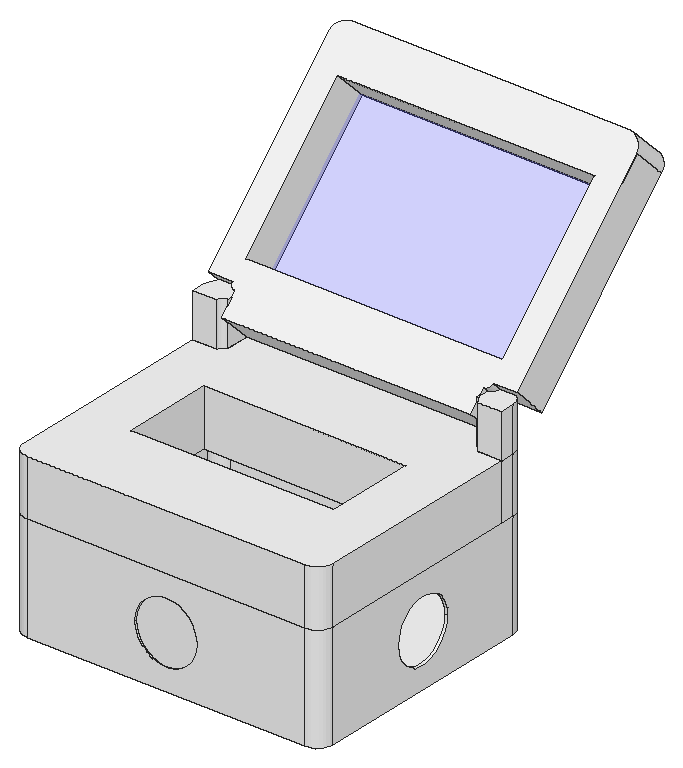
Revit family "Domotics-DomesticRanges-GEWISS-27COMBI_SYSTEM-IP55_NAME_PLATE", category Apparecchi elettrici, host Superficie, Revit 2016
Family settings
  Host = Superficie
  Mantenere orientamento annotazione = Sì
  Tipo di parte = Normale
  Quota connettore circolare = Usa diametro
  Numero OmniClass = 23.80.30.14.24
  Titolo OmniClass = Junction Boxes
  Taglio con vuoti quando caricato = Sì
  Condiviso = Sì
  Punto di calcolo locali = No
Parameters (values of type "GW27836 - 10A 1P push-button name plate IP55")
  Voltage: = "250 V ac"
  Voltage = "230V ac"
  Version file RFA = "19.4"
  VISTA DI PIANTA [instance] = yes
  URL = "https://www.gewiss.com/ww/en"
  Type of knockout holes = "Removable with tool"
  Type = "Push-button 1P NO 10A"
  Torque screws tightening = "0,8NM"
  Thermo-pressure with ball = "70 °C"
  Technical sheet = "https://www.gewiss.com/ww/en/search?q=GW27836"
  Standard; = "EN 60669-1"
  SPORTELLO APERTO [instance] = yes
  SEO = "Enclosure"
  Realized by GEWISS S.p.A. = ""
  Produttore = "GEWISS S.p.A."
  Outer dim. LxHxD (mm) = "99x82x65"
  Offset = 0 mm
  No. knockout holes Ã˜23 = "3 on sides / 1 on the bottom"
  N. holes Ã˜ 23 with cable gland = "1"
  Modello = "GW27836"
  Lid screws = "Stainless steel"
  Insulation class = "II"
  Installation temperature = "-25 +60 °C"
  IP degree = "IP55"
  IFC.TypeObject = ""
  IFC.ExportType = ""
  IFC.ExportAs = ""
  Default Elevation = 1219.2 mm
  Immagine tipo = GW27836.jpg
  IDT = "ff93f4d0-afba-40bc-82a4-8346ff139388"
  IDF = "09942ab5-58a3-48fc-bba3-23da71ac85c3"
  Glow Wire Test = "650°C"
  Electrocod = "0130"
  EAN code = "8011564095458"
  Door type = "With membrane"
  Door colour: = "Transparent"
  Descrizione = "10A 1P PUSH-BUTTON NAME PLATE IP55"
  Description: = "Push-button 1P NO 10A"
  Colour = "Grey RAL 7035"
  Characteristics = "Illuminable name plate"
  Catalogue Range = "27COMBI"
  Catalogue = "DOMOTICS"
  COBie.Tagnumber = ""
  COBie.CreatedOn = ""
  COBie.CreatebBy = ""
  COBie.ComponentRegisterItemID = ""
  COBie.Component.TagNumber = ""
  COBie.Component.Space = ""
  COBie.Component.SerialNumber = ""
  COBie.Component.InstallationDate = ""
  COBie.Component.Description = ""
  COBie.Component.BarCode = ""
Reference planes
  plane 1 "Centro (Fronte/Retro)": y = 0
  plane 2: z = 0
  plane 3 "Centro (Sinistra/Destra)": x = 0
  plane 4: z = 0
  plane 5: y = 41
  plane 6: y = -41
  plane 7: x = -49.5
  plane 8: x = 49.5
  plane 9: z = 60
Lines and regions (mm)
  Masking region 1
    outline origin (0, 0, 0) x (0, 1, 0) y (0, 0, 1)
      loop
        line (-41, 0) -> (41, 0) -> (41, 60) -> (-41, 60) -> (-41, 0)
  Masking region 2, visible <- "VISTA DI PIANTA"
    outline origin (0, 0, 0) x (1, 0, 0) y (0, 0, 1)
      loop
        line (-49.5, 60) -> (-49.5, 0) -> (49.5, 0) -> (49.5, 60) -> (-49.5, 60)
  Masking region 3, detail levels medium+fine
    outline origin (0, 0, 0) x (0, 1, 0) y (0, 0, 1)
      loop
        circle (0, 17) r 10
  Masking region 4, visible <- "VISTA DI PIANTA", detail levels medium+fine
    outline origin (0, 0, 0) x (1, 0, 0) y (0, 0, 1)
      loop
        circle (0, 17) r 10
Dimensions and locks
  "Offset": plane 4 to host face
  locked: plane 5 to plane 6 at 82
  locked: plane 7 to plane 8 at 99
  locked: plane 9 to plane 4 at 60
  aligned and locked: plane 2 to host face
  aligned and locked: level to host face
  aligned and locked: plane 3 "Centro (Sinistra/Destra)" to nested 1
  aligned and locked: plane 1 "Centro (Fronte/Retro)" to nested 1
  aligned and locked: plane 8 to nested 1
  aligned and locked: plane 7 to nested 1
  aligned and locked: plane 5 to nested 1
  aligned and locked: plane 6 to nested 1
  aligned and locked: Masking region 1 sketch curve to level
  aligned and locked: Masking region 1 sketch curve to nested 1
  aligned and locked: Masking region 1 sketch curve to plane 9
  aligned and locked: plane 5 to Masking region 1 sketch curve
  aligned and locked: plane 9 to Masking region 2 sketch curve
  aligned and locked: plane 7 to Masking region 2 sketch curve
  aligned and locked: plane 8 to Masking region 2 sketch curve
  aligned and locked: plane 4 to Masking region 2 sketch curve
Automatic sketch dimensions
  host sketch curve to host sketch curve = 2438.4 mm  (x2)
  Masking region 4 sketch curve to plane 3 "Centro (Sinistra/Destra)" = 0 mm
  level to Masking region 4 sketch curve = 17 mm
  Masking region 3 sketch curve to plane 1 "Centro (Fronte/Retro)" = 0 mm
  level to Masking region 3 sketch curve = 17 mm
  radius of Masking region 4 sketch curve = 10 mm
  radius of Masking region 3 sketch curve = 10 mm
Nested families
  nested 1: "SYSTEM CONTENITORI IP55 COMPL NOME_BASE" at (0, 0, 0), Sportello aperto <- "SPORTELLO APERTO", type "GW27836 - PULSANTE_UNIP"
    with Sportello chiuso no, Sportello aperto yes
Connectors
  cabletrayconduit at (49.5, 0, 17), diameter 20
    settings: on nested 1, index 1, connector width 300 mm, connector height 300 mm, connector angle 0.00°, system type 32, placement type 0, profile type 0, connector reference index -1, is primary connector yes, connector utility param no, connector description ""
  cabletrayconduit at (0, -41, 17), diameter 20
    settings: on nested 1, index 2, connector width 300 mm, connector height 300 mm, connector angle 0.00°, system type 32, placement type 0, profile type 0, connector reference index -1, is primary connector no, connector utility param no, connector description ""
  cabletrayconduit at (-48.5, 0, 17), diameter 20
    settings: on nested 1, index 3, connector width 300 mm, connector height 300 mm, connector angle 0.00°, system type 32, placement type 0, profile type 0, connector reference index -1, is primary connector no, connector utility param no, connector description ""
  cabletrayconduit at (0, 40.592, 17), diameter 20
    settings: on nested 1, index 4, connector width 300 mm, connector height 300 mm, connector angle 0.00°, system type 32, placement type 0, profile type 0, connector reference index -1, is primary connector no, connector utility param no, connector description ""
Definition of nested family "SYSTEM CONTENITORI IP55 COMPL NOME_BASE"
  Parameters (values of type "GW27836 - PULSANTE_UNIP")
    VETRO = none
    Sportello chiuso [instance] = not(Sportello aperto)  # no
    Sportello aperto [instance] = yes
    Profondità scatola = 34 mm
    Offset bidimensionale = 60 mm
    Larghezza scatola = 99 mm
    SCATOLA = none
    Larghezza foro = 65 mm
    Default Elevation = 1219.2 mm
    Altezza scatola = 82 mm
    Altezza foro = 29 mm
  Reference planes
    plane 1 "Centro (Fronte/Retro)": y = 0
    plane 2: z = 0
    plane 3 "Centro (Sinistra/Destra)": x = 0
    plane 4: x = -49.5
    plane 5: x = 49.5
    plane 6 "1": y = 41
    plane 7: y = -41
    plane 8 "PIANO 1": z = 66
    plane 9: z = 34
    plane 10: z = 2
    plane 11: z = 52
    plane 12: x = -32.5
    plane 13: x = 32.5
    plane 14: y = 14.5
    plane 15: y = -14.5
    plane 16: z = 17
    plane 17 "PIANO BIDIMENSIONALE": z = 60
  Forms (mm)
    Extrusion 1, solid, material <- "SCATOLA", detail levels medium+fine
      sketch origin (0, 0, 66) x (0, -1, 0) y (1, 0, 0)
        loop
          arc (-41, -44.5) -> (-39.536, -48.036) -> (-36, -49.5) r 5
          line (-36, -49.5) -> (36, -49.5)
          arc (36, -49.5) -> (39.536, -48.036) -> (41, -44.5) r 5
          line (41, -44.5) -> (41, 44.5)
          arc (41, 44.5) -> (39.536, 48.036) -> (36, 49.5) r 5
          line (36, 49.5) -> (-36, 49.5)
          arc (-36, 49.5) -> (-39.536, 48.036) -> (-41, 44.5) r 5
          line (-41, 44.5) -> (-41, -44.5)
      from -66 to -32
    Extrusion 2, void, detail levels medium+fine
      sketch origin (0, 0, 66) x (0, -1, 0) y (1, 0, 0)
        loop
          line (-40, 44.5) -> (-40, -44.5)
          arc (-40, -44.5) -> (-38.828, -47.328) -> (-36, -48.5) r 4
          line (-36, -48.5) -> (36, -48.5)
          arc (36, -48.5) -> (38.828, -47.328) -> (40, -44.5) r 4
          line (40, -44.5) -> (40, 44.5)
          arc (40, 44.5) -> (38.828, 47.328) -> (36, 48.5) r 4
          line (36, 48.5) -> (-36, 48.5)
          arc (-36, 48.5) -> (-38.828, 47.328) -> (-40, 44.5) r 4
      from -64 to -32
    Extrusion 3, solid, material <- "SCATOLA", visible <- "Sportello chiuso", detail levels medium+fine
      sketch origin (0, 0, 66) x (0, -1, 0) y (1, 0, 0)
        loop
          line (-41, -39.914) -> (-33.415, -39.914)
          arc (-33.415, -39.914) -> (-32.861, -41.251) -> (-31.525, -41.804) r 1.89
          line (-31.525, -41.804) -> (-31.525, -49.5) -> (36, -49.5)
          arc (36, -49.5) -> (39.536, -48.036) -> (41, -44.5) r 5
          line (41, -44.5) -> (41, 44.5)
          arc (41, 44.5) -> (39.536, 48.036) -> (36, 49.5) r 5
          line (36, 49.5) -> (-31.525, 49.5) -> (-31.525, 41.804)
          arc (-31.525, 41.804) -> (-32.861, 41.251) -> (-33.415, 39.914) r 1.89
          line (-33.415, 39.914) -> (-41, 39.914) -> (-41, -39.914)
        loop
          line (19.857, 41.217) -> (-17.857, 41.217) -> (-17.857, -41.217) -> (19.857, -41.217) -> (19.857, 41.217)
      from -14 to 0
    Extrusion 4, solid, material <- "SCATOLA", detail levels medium+fine
      sketch origin (0, 0, 66) x (0, -1, 0) y (1, 0, 0)
        loop
          line (-41, -39.914) -> (-33.415, -39.914)
          arc (-33.415, -39.914) -> (-32.861, -41.251) -> (-31.525, -41.804) r 1.89
          line (-31.525, -41.804) -> (-31.525, -49.5) -> (36, -49.5)
          arc (36, -49.5) -> (39.536, -48.036) -> (41, -44.5) r 5
          line (41, -44.5) -> (41, 44.5)
          arc (41, 44.5) -> (39.536, 48.036) -> (36, 49.5) r 5
          line (36, 49.5) -> (-31.525, 49.5) -> (-31.525, 41.804)
          arc (-31.525, 41.804) -> (-32.861, 41.251) -> (-33.415, 39.914) r 1.89
          line (-33.415, 39.914) -> (-41, 39.914) -> (-41, -39.914)
        loop
          line (14.5, 32.5) -> (-14.5, 32.5) -> (-14.5, -32.5) -> (14.5, -32.5) -> (14.5, 32.5)
      from -32 to -14
    Extrusion 5, solid, material <- "SCATOLA", detail levels medium+fine
      sketch origin (0, 0, 66) x (0, -1, 0) y (1, 0, 0)
        loop
          arc (-41, -44.5) -> (-39.536, -48.036) -> (-36, -49.5) r 5
          line (-36, -49.5) -> (-31.525, -49.5) -> (-31.525, -41.804)
          arc (-31.525, -41.804) -> (-32.861, -41.251) -> (-33.415, -39.914) r 1.89
          line (-33.415, -39.914) -> (-41, -39.914) -> (-41, -44.5)
      from -14 to 0
    Extrusion 6, solid, material <- "SCATOLA", detail levels medium+fine
      sketch origin (0, 0, 66) x (0, -1, 0) y (1, 0, 0)
        loop
          line (-41, 44.5) -> (-41, 39.914) -> (-33.415, 39.914)
          arc (-33.415, 39.914) -> (-32.861, 41.251) -> (-31.525, 41.804) r 1.89
          line (-31.525, 41.804) -> (-31.525, 49.5) -> (-36, 49.5)
          arc (-36, 49.5) -> (-39.536, 48.036) -> (-41, 44.5) r 5
      from -14 to 0
    Extrusion 7, solid, material <- "VETRO", visible <- "Sportello chiuso", detail levels medium+fine
      sketch origin (0, 0, 66) x (0, -1, 0) y (1, 0, 0)
        loop
          line (-17.857, -41.217) -> (17.857, -41.217) -> (17.857, 41.217) -> (-17.857, 41.217) -> (-17.857, -41.217)
      from -1.5 to 0
    Extrusion 8, solid, material <- "SCATOLA", visible <- "Sportello aperto", detail levels medium+fine
      sketch origin (0, 69.991, 80.991) x (0, 0.707107, 0.707107) y (1, 0, 0)
        loop
          line (-41, -39.914) -> (-33.415, -39.914)
          arc (-33.415, -39.914) -> (-32.861, -41.251) -> (-31.525, -41.804) r 1.89
          line (-31.525, -41.804) -> (-31.525, -49.5) -> (36, -49.5)
          arc (36, -49.5) -> (39.536, -48.036) -> (41, -44.5) r 5
          line (41, -44.5) -> (41, 44.5)
          arc (41, 44.5) -> (39.536, 48.036) -> (36, 49.5) r 5
          line (36, 49.5) -> (-31.525, 49.5) -> (-31.525, 41.804)
          arc (-31.525, 41.804) -> (-32.861, 41.251) -> (-33.415, 39.914) r 1.89
          line (-33.415, 39.914) -> (-41, 39.914) -> (-41, -39.914)
        loop
          line (26.857, 41.217) -> (-24.857, 41.217) -> (-24.857, -41.217) -> (26.857, -41.217) -> (26.857, 41.217)
      from -14 to 0
    Extrusion 9, solid, material <- "VETRO", visible <- "Sportello aperto", detail levels medium+fine
      sketch origin (0, 69.991, 80.991) x (0, 0.707107, 0.707107) y (1, 0, 0)
        loop
          line (-24.857, -41.217) -> (26.857, -41.217) -> (26.857, 41.217) -> (-24.857, 41.217) -> (-24.857, -41.217)
      from -1.5 to 0
    Extrusion 10, solid, material <- "SCATOLA", visible <- "Sportello aperto", not visible
      sketch origin (210, 0, -63.711) x (0, -1, 0) y (1, 0, 0)
        loop
          line (-41, -56.414) -> (-33.415, -56.414)
          arc (-33.415, -56.414) -> (-32.861, -57.751) -> (-31.525, -58.304) r 1.89
          line (-31.525, -58.304) -> (-31.525, -66) -> (36, -66)
          arc (36, -66) -> (39.536, -64.536) -> (41, -61) r 5
          line (41, -61) -> (41, 61)
          arc (41, 61) -> (39.536, 64.536) -> (36, 66) r 5
          line (36, 66) -> (-31.525, 66) -> (-31.525, 58.304)
          arc (-31.525, 58.304) -> (-32.861, 57.751) -> (-33.415, 56.414) r 1.89
          line (-33.415, 56.414) -> (-41, 56.414) -> (-41, -56.414)
        loop
          line (26.857, 57.717) -> (-24.857, 57.717) -> (-24.857, -57.717) -> (26.857, -57.717) -> (26.857, 57.717)
      from -14 to 0
    Extrusion 11, solid, material <- "VETRO", visible <- "Sportello aperto", not visible
      sketch origin (210, 0, -63.711) x (0, -1, 0) y (1, 0, 0)
        loop
          line (-24.857, -57.717) -> (26.857, -57.717) -> (26.857, 57.717) -> (-24.857, 57.717) -> (-24.857, -57.717)
      from -1.5 to 0
    Extrusion 12, solid, material <- "SCATOLA", detail levels fine
      sketch origin (0, 0, 0) x (1, 0, 0) y (0, 0, 1)
        loop
          circle (0, 17) r 16
      from -43 to -41
    Extrusion 13, solid, material <- "SCATOLA", detail levels fine
      sketch origin (0, 41, 0) x (-1, 0, 0) y (0, 0, 1)
        loop
          circle (0, 17) r 13
      from 5 to 3
    Extrusion 14, solid, material <- "SCATOLA", detail levels fine
      sketch origin (0, 41, 0) x (-1, 0, 0) y (0, 0, 1)
        loop
          circle (0, 17) r 10
      from 8 to 6
    Extrusion 15, solid, material <- "SCATOLA", detail levels fine
      sketch origin (0, 41, 0) x (-1, 0, 0) y (0, 0, 1)
        loop
          circle (0, 17) r 3
      from 2 to 6
    Extrusion 16, solid, material <- "SCATOLA", detail levels medium+fine
      sketch origin (0, 0, 0) x (1, 0, 0) y (0, 1, 0)
        loop
          line (-39.914, 33.415) -> (-39.914, 41) -> (-44.5, 41)
          arc (-44.5, 41) -> (-48.036, 39.536) -> (-49.5, 36) r 5
          line (-49.5, 36) -> (-49.5, 31.525) -> (-41.804, 31.525)
          arc (-41.804, 31.525) -> (-41.251, 32.861) -> (-39.914, 33.415) r 1.89
        loop
          arc (39.914, 33.415) -> (41.251, 32.861) -> (41.804, 31.525) r 1.89
          line (41.804, 31.525) -> (49.5, 31.525) -> (49.5, 36)
          arc (49.5, 36) -> (48.036, 39.536) -> (44.5, 41) r 5
          line (44.5, 41) -> (39.914, 41) -> (39.914, 33.415)
      from 34 to 52
    Extrusion 17, void, detail levels medium+fine
      sketch origin (0, 0, 0) x (0, 1, 0) y (0, 0, 1)
        loop
          circle (0, 17) r 10
      from 32.526 to 49.5
    Extrusion 18, void, detail levels medium+fine
      sketch origin (0, 0, 0) x (1, 0, 0) y (0, 0, 1)
        loop
          circle (0, 17) r 10
      from 40.592 to 41
    Extrusion 19, void, detail levels medium+fine
      sketch origin (0, 0, 0) x (0, 1, 0) y (0, 0, -1)
        loop
          circle (0, -17) r 11.5
      from 32.526 to 49.5
    Extrusion 20, void, detail levels medium+fine
      sketch origin (0, 0, 0) x (1, 0, 0) y (0, 0, -1)
        loop
          circle (0, -17) r 10
      from 40.592 to 41
    Extrusion 21, solid, material <- "SCATOLA", detail levels coarse
      sketch origin (0, 0, 66) x (0, -1, 0) y (1, 0, 0)
        loop
          arc (36, -49.5) -> (39.536, -48.036) -> (41, -44.5) r 5
          line (41, -44.5) -> (41, 44.5)
          arc (41, 44.5) -> (39.536, 48.036) -> (36, 49.5) r 5
          line (36, 49.5) -> (-31.525, 49.5) -> (-36, 49.5)
          arc (-36, 49.5) -> (-39.536, 48.036) -> (-41, 44.5) r 5
          line (-41, 44.5) -> (-41, -44.5)
          arc (-41, -44.5) -> (-39.536, -48.036) -> (-36, -49.5) r 5
          line (-36, -49.5) -> (36, -49.5)
      from -66 to -6
  Cuts and joins
    Extrusion 2, Extrusion 17, Extrusion 18, Extrusion 19, Extrusion 20 cuts Extrusion 1
  Lines and regions (mm)
    Masking region 1
      outline origin (0, 0, 66) x (0, -1, 0) y (1, 0, 0)
        loop
          line (36, 49.5) -> (-31.525, 49.5) -> (-36, 49.5)
          arc (-36, 49.5) -> (-39.536, 48.036) -> (-41, 44.5) r 5
          line (-41, 44.5) -> (-41, -44.5)
          arc (-41, -44.5) -> (-39.536, -48.036) -> (-36, -49.5) r 5
          line (-36, -49.5) -> (36, -49.5)
          arc (36, -49.5) -> (39.536, -48.036) -> (41, -44.5) r 5
          line (41, -44.5) -> (41, 44.5)
          arc (41, 44.5) -> (39.536, 48.036) -> (36, 49.5) r 5
        loop
          line (26.857, 41.217) -> (-31.525, 41.217)
          arc (-31.525, 41.217) -> (-32.446, 40.836) -> (-32.828, 39.914) r 1.303
          line (-32.828, 39.914) -> (-32.828, -39.914)
          arc (-32.828, -39.914) -> (-32.446, -40.836) -> (-31.525, -41.217) r 1.303
          line (-31.525, -41.217) -> (26.857, -41.217) -> (26.857, 41.217)
        loop
          line (-14.5, 32.5) -> (-14.5, -32.5) -> (14.5, -32.5) -> (14.5, 32.5) -> (-14.5, 32.5)
        loop
          circle (-36, -44.5) r 2
        loop
          circle (-36, 44.5) r 2
    Masking region 2
      outline origin (0, 0, 66) x (0, -1, 0) y (1, 0, 0)
        loop
          line (-31.525, -49.5) -> (-31.525, -41.804)
          arc (-31.525, -41.804) -> (-32.861, -41.251) -> (-33.415, -39.914) r 1.89
          line (-33.415, -39.914) -> (-41, -39.914) -> (-41, -44.5)
          arc (-41, -44.5) -> (-39.536, -48.036) -> (-36, -49.5) r 5
          line (-36, -49.5) -> (-31.525, -49.5)
        loop
          circle (-36, -44.5) r 2
        loop
          line (-31.525, 41.804) -> (-31.525, 49.5) -> (-36, 49.5)
          arc (-36, 49.5) -> (-39.536, 48.036) -> (-41, 44.5) r 5
          line (-41, 44.5) -> (-41, 39.914) -> (-33.415, 39.914)
          arc (-33.415, 39.914) -> (-32.861, 41.251) -> (-31.525, 41.804) r 1.89
        loop
          circle (-36, 44.5) r 2
        loop
          line (41, -42.496) -> (41, -40.496) -> (38.247, -40.496)
          arc (38.247, -40.496) -> (36.833, -39.91) -> (36.247, -38.496) r 2
          line (36.247, -38.496) -> (36.247, 38.496)
          arc (36.247, 38.496) -> (36.833, 39.91) -> (38.247, 40.496) r 2
          line (38.247, 40.496) -> (41, 40.496) -> (41, 42.496) -> (36.247, 42.496)
          arc (36.247, 42.496) -> (34.833, 41.91) -> (34.247, 40.496) r 2
          line (34.247, 40.496) -> (34.247, -40.496)
          arc (34.247, -40.496) -> (34.833, -41.91) -> (36.247, -42.496) r 2
          line (36.247, -42.496) -> (41, -42.496)
        loop
          line (26.857, -41.217) -> (26.857, 41.217) -> (-31.525, 41.217)
          arc (-31.525, 41.217) -> (-32.446, 40.836) -> (-32.828, 39.914) r 1.303
          line (-32.828, 39.914) -> (-32.828, -39.914)
          arc (-32.828, -39.914) -> (-32.446, -40.836) -> (-31.525, -41.217) r 1.303
          line (-31.525, -41.217) -> (26.857, -41.217)
        loop
          line (-14.5, 32.5) -> (-14.5, -32.5) -> (14.5, -32.5) -> (14.5, 32.5) -> (-14.5, 32.5)
    Masking region 3
      outline origin (0, 0, 66) x (0, -1, 0) y (1, 0, 0)
        loop
          circle (-36, -44.5) r 2
        loop
          circle (-36, 44.5) r 2
    model lines, detail levels coarse
      curve 1: line (-44.5, 41, 60) -> (44.5, 41, 60)
      curve 2: arc (-44.5, 41, 60) -> (-48.036, 39.536, 60) -> (-49.5, 36, 60) r 5
      curve 3: line (-49.5, -36, 60) -> (-49.5, 36, 60)
      curve 4: arc (-44.5, -41, 60) -> (-48.036, -39.536, 60) -> (-49.5, -36, 60) r 5
      curve 5: line (44.5, -41, 60) -> (-44.5, -41, 60)
      curve 6: line (-40.496, -41, 60) -> (-40.496, -38.247, 60)
      curve 7: line (-42.496, -41, 60) -> (-42.496, -36.247, 60)
      curve 8: arc (-38.496, -36.247, 60) -> (-39.91, -36.833, 60) -> (-40.496, -38.247, 60) r 2
      curve 9: arc (-40.496, -34.247, 60) -> (-41.91, -34.833, 60) -> (-42.496, -36.247, 60) r 2
      curve 10: line (-40.496, -34.247, 60) -> (40.496, -34.247, 60)
      curve 11: line (-38.496, -36.247, 60) -> (38.496, -36.247, 60)
      curve 12: arc (40.496, -38.247, 60) -> (39.91, -36.833, 60) -> (38.496, -36.247, 60) r 2
      curve 13: line (40.496, -41, 60) -> (40.496, -38.247, 60)
      curve 14: arc (42.496, -36.247, 60) -> (41.91, -34.833, 60) -> (40.496, -34.247, 60) r 2
      curve 15: line (42.496, -41, 60) -> (42.496, -36.247, 60)
      curve 16: arc (49.5, -36, 60) -> (48.036, -39.536, 60) -> (44.5, -41, 60) r 5
      curve 17: line (49.5, 36, 60) -> (49.5, -36, 60)
      curve 18: arc (44.5, 41, 60) -> (48.036, 39.536, 60) -> (49.5, 36, 60) r 5
      curve 19: line (39.914, 41, 60) -> (39.914, 33.415, 60)
      curve 20: line (-39.914, 41, 60) -> (-39.914, 33.415, 60)
      curve 21: circle (-44.5, 36, 60) r 2 normal (0, 0, 1)
      curve 22: line (-46.412, 35.413, 60) -> (-43.2, 37.52, 60)
      curve 23: line (-42.672, 36.81, 60) -> (-45.972, 34.646, 60)
      curve 24: circle (44.5, 36, 60) r 2 normal (0, 0, -1)
      curve 25: line (46.412, 35.413, 60) -> (43.2, 37.52, 60)
      curve 26: line (42.672, 36.81, 60) -> (45.972, 34.646, 60)
      curve 27: line (49.5, 31.525, 60) -> (41.804, 31.525, 60)
      curve 28: arc (39.914, 33.415, 60) -> (41.251, 32.861, 60) -> (41.804, 31.525, 60) r 1.89
      curve 29: line (-39.914, 33.415, 60) -> (39.914, 33.415, 60)
      curve 30: arc (-39.914, 33.415, 60) -> (-41.251, 32.861, 60) -> (-41.804, 31.525, 60) r 1.89
      curve 31: line (-49.5, 31.525, 60) -> (-41.804, 31.525, 60)
      curve 32: arc (-39.914, 32.828, 60) -> (-40.836, 32.446, 60) -> (-41.217, 31.525, 60) r 1.303
      curve 33: line (-39.914, 32.828, 60) -> (39.914, 32.828, 60)
      curve 34: arc (39.914, 32.828, 60) -> (40.836, 32.446, 60) -> (41.217, 31.525, 60) r 1.303
      curve 35: line (41.217, 31.525, 60) -> (41.217, -26.857, 60)
      curve 36: line (-41.217, -26.857, 60) -> (-41.217, 31.525, 60)
      curve 37: line (-41.217, 24.857, 60) -> (41.217, 24.857, 60)
      curve 38: line (-32.5, 14.5, 60) -> (32.5, 14.5, 60)
      curve 39: line (32.5, 14.5, 60) -> (32.5, -14.5, 60)
      curve 40: line (-32.5, -14.5, 60) -> (-32.5, 14.5, 60)
      curve 41: line (32.5, -14.5, 60) -> (-32.5, -14.5, 60)
      curve 42: line (41.217, -26.857, 60) -> (-41.217, -26.857, 60)
    model lines, not visible, detail levels coarse
      curve 43: line (-18.5, 41, 60) -> (70.5, 41, 60)
      curve 44: arc (-18.5, 41, 60) -> (-22.036, 39.536, 60) -> (-23.5, 36, 60) r 5
      curve 45: line (-23.5, -36, 60) -> (-23.5, 36, 60)
      curve 46: arc (-18.5, -41, 60) -> (-22.036, -39.536, 60) -> (-23.5, -36, 60) r 5
      curve 47: line (70.5, -41, 60) -> (-18.5, -41, 60)
      curve 48: line (-14.496, -41, 60) -> (-14.496, -38.247, 60)
      curve 49: line (-16.496, -41, 60) -> (-16.496, -36.247, 60)
      curve 50: arc (-12.496, -36.247, 60) -> (-13.91, -36.833, 60) -> (-14.496, -38.247, 60) r 2
      curve 51: arc (-14.496, -34.247, 60) -> (-15.91, -34.833, 60) -> (-16.496, -36.247, 60) r 2
      curve 52: line (-14.496, -34.247, 60) -> (66.496, -34.247, 60)
      curve 53: line (-12.496, -36.247, 60) -> (64.496, -36.247, 60)
      curve 54: arc (66.496, -38.247, 60) -> (65.91, -36.833, 60) -> (64.496, -36.247, 60) r 2
      curve 55: line (66.496, -41, 60) -> (66.496, -38.247, 60)
      curve 56: arc (68.496, -36.247, 60) -> (67.91, -34.833, 60) -> (66.496, -34.247, 60) r 2
      curve 57: line (68.496, -41, 60) -> (68.496, -36.247, 60)
      curve 58: arc (75.5, -36, 60) -> (74.036, -39.536, 60) -> (70.5, -41, 60) r 5
      curve 59: line (75.5, 36, 60) -> (75.5, -36, 60)
      curve 60: arc (70.5, 41, 60) -> (74.036, 39.536, 60) -> (75.5, 36, 60) r 5
      curve 61: line (65.914, 41, 60) -> (65.914, 33.415, 60)
      curve 62: line (-13.914, 41, 60) -> (-13.914, 33.415, 60)
      curve 63: circle (-18.5, 36, 60) r 2 normal (0, 0, 1)
      curve 64: line (-20.412, 35.413, 60) -> (-17.2, 37.52, 60)
      curve 65: line (-16.672, 36.81, 60) -> (-19.972, 34.646, 60)
      curve 66: circle (70.5, 36, 60) r 2 normal (0, 0, -1)
      curve 67: line (72.412, 35.413, 60) -> (69.2, 37.52, 60)
      curve 68: line (68.672, 36.81, 60) -> (71.972, 34.646, 60)
      curve 69: line (75.5, 31.525, 60) -> (67.804, 31.525, 60)
      curve 70: arc (65.914, 33.415, 60) -> (67.251, 32.861, 60) -> (67.804, 31.525, 60) r 1.89
      curve 71: line (-13.914, 33.415, 60) -> (65.914, 33.415, 60)
      curve 72: arc (-13.914, 33.415, 60) -> (-15.251, 32.861, 60) -> (-15.804, 31.525, 60) r 1.89
      curve 73: line (-23.5, 31.525, 60) -> (-15.804, 31.525, 60)
      curve 74: arc (-13.914, 32.828, 60) -> (-14.836, 32.446, 60) -> (-15.217, 31.525, 60) r 1.303
      curve 75: line (-13.914, 32.828, 60) -> (65.914, 32.828, 60)
      curve 76: arc (65.914, 32.828, 60) -> (66.836, 32.446, 60) -> (67.217, 31.525, 60) r 1.303
      curve 77: line (67.217, 31.525, 60) -> (67.217, -26.857, 60)
      curve 78: line (-15.217, -26.857, 60) -> (-15.217, 31.525, 60)
      curve 79: line (-15.217, 24.857, 60) -> (67.217, 24.857, 60)
      curve 80: line (-6.5, 14.5, 60) -> (58.5, 14.5, 60)
      curve 81: line (58.5, 14.5, 60) -> (58.5, -14.5, 60)
      curve 82: line (-6.5, -14.5, 60) -> (-6.5, 14.5, 60)
      curve 83: line (58.5, -14.5, 60) -> (-6.5, -14.5, 60)
      curve 84: line (67.217, -26.857, 60) -> (-15.217, -26.857, 60)
  Dimensions and locks
    equal spacing: plane 4, plane 3 "Centro (Sinistra/Destra)", plane 5
    equal spacing: plane 6 "1", plane 1 "Centro (Fronte/Retro)", plane 7
    "Altezza scatola": plane 6 "1" to plane 7
    "Larghezza scatola": plane 4 to plane 5
    "Profondità scatola": plane 9 to level
    plane 8 "PIANO 1" to plane 11 = 14 mm
    "Altezza foro": plane 15 to plane 14
    "Larghezza foro": plane 12 to plane 13
    equal spacing: plane 12, plane 3 "Centro (Sinistra/Destra)", plane 13
    equal spacing: level, plane 16, plane 9
    equal spacing: plane 15, plane 1 "Centro (Fronte/Retro)", plane 14
    "Offset bidimensionale": plane 17 "PIANO BIDIMENSIONALE" to plane 2
    aligned and locked: level to plane 2
    aligned and locked: Extrusion 1 sketch curve to plane 6 "1"
    aligned and locked: plane 4 to Extrusion 1 sketch curve
    aligned and locked: Extrusion 1 sketch curve to plane 5
    aligned and locked: plane 7 to Extrusion 1 sketch curve
    aligned and locked: Extrusion 1 to level
    aligned and locked: Extrusion 2 to plane 10
    aligned and locked: plane 9 to Extrusion 2
    aligned and locked: plane 9 to Extrusion 1
    aligned and locked: Extrusion 3 sketch curve to plane 4
    aligned and locked: plane 6 "1" to Extrusion 3 sketch curve
    aligned and locked: plane 5 to Extrusion 3 sketch curve
    aligned and locked: Extrusion 3 sketch curve to plane 7
    aligned and locked: plane 8 "PIANO 1" to Extrusion 3
    aligned and locked: Extrusion 3 to plane 11
    aligned and locked: Extrusion 4 to Extrusion 3
    aligned and locked: Extrusion 4 to plane 9
    aligned and locked: cut or joined group of Extrusion 1, Extrusion 2, Extrusion 17, Extrusion 18, Extrusion 19, Extrusion 20 to Extrusion 5 sketch curve
    aligned and locked: Extrusion 5 sketch curve to cut or joined group of Extrusion 1, Extrusion 2, Extrusion 17, Extrusion 18, Extrusion 19, Extrusion 20
    aligned and locked: Extrusion 5 to Extrusion 3
    aligned and locked: plane 5 to Extrusion 6
    aligned and locked: Extrusion 3 to Extrusion 7 sketch curve
    aligned and locked: plane 8 "PIANO 1" to Extrusion 7
    aligned and locked: Extrusion 7 sketch curve to Extrusion 3
    aligned and locked: Extrusion 9 sketch curve to Extrusion 8  (x2)
    aligned and locked: Extrusion 11 sketch curve to Extrusion 10  (x2)
    aligned and locked: Extrusion 8 to plane 4
    aligned and locked: Extrusion 9 to Extrusion 8  (x2)
    aligned and locked: Extrusion 11 to Extrusion 10  (x2)
    aligned and locked: plane 4 to Extrusion 8 sketch curve
    aligned and locked: Extrusion 8 sketch curve to plane 5
    aligned and locked: plane 14 to Extrusion 4 sketch curve
    aligned and locked: Extrusion 4 sketch curve to plane 15
    aligned and locked: plane 12 to Extrusion 4 sketch curve
    aligned and locked: Extrusion 4 sketch curve to plane 13
    aligned and locked: plane 6 "1" to Extrusion 12
    aligned and locked: Extrusion 15 to Extrusion 12
    aligned and locked: Extrusion 15 to Extrusion 14
    aligned and locked: Extrusion 6 to Extrusion 4
    aligned and locked: Extrusion 5 to Extrusion 4
    aligned and locked: Extrusion 16 to Extrusion 3
    aligned and locked: Extrusion 16 to cut or joined group of Extrusion 1, Extrusion 2, Extrusion 17, Extrusion 18, Extrusion 19, Extrusion 20
    aligned and locked: Extrusion 16 sketch curve to Extrusion 4
    aligned and locked: plane 5 to Extrusion 17
    aligned and locked: Extrusion 18 to plane 7
    aligned and locked: Extrusion 1 to Extrusion 19
    aligned and locked: curve 1 to plane 6 "1"
    aligned and locked: plane 7 to curve 5
    aligned and locked: Extrusion 4 to plane 7
    aligned and locked: plane 5 to Extrusion 3
    aligned and locked: plane 6 "1" to Extrusion 3
    aligned and locked: Extrusion 3 to plane 4
    aligned and locked: Extrusion 3 to plane 8 "PIANO 1"
    aligned and locked: Extrusion 21 sketch curve to Extrusion 3  (x4)
    aligned and locked: plane 5 to Extrusion 21 sketch curve
    aligned and locked: Extrusion 21 to level
    aligned and locked: plane 12 to Extrusion 4  (x2)
    aligned and locked: Extrusion 4 to plane 13  (x2)
    aligned and locked: Extrusion 21 to plane 4
    aligned and locked: plane 14 to Extrusion 4
    aligned and locked: Extrusion 4 to plane 15
    aligned and locked: Extrusion 21 to plane 7
    aligned and locked: plane 5 to Extrusion 21
    aligned and locked: plane 6 "1" to Extrusion 21
    aligned and locked: curve 39 to plane 13
    aligned and locked: plane 12 to curve 40
    aligned and locked: Extrusion 21 to curve 2
    aligned and locked: Masking region 1 sketch curve to Extrusion 21  (x4)
    aligned and locked: Masking region 1 sketch curve to curve 42
    aligned and locked: Masking region 1 sketch curve to curve 36
    aligned and locked: Masking region 1 sketch curve to curve 33
    aligned and locked: Masking region 1 sketch curve to curve 35
    aligned and locked: Masking region 1 sketch curve to curve 39
    aligned and locked: Masking region 1 sketch curve to curve 41
    aligned and locked: Masking region 1 sketch curve to curve 40
    aligned and locked: Masking region 1 sketch curve to curve 38
    aligned and locked: Masking region 2 sketch curve to Extrusion 16  (x4)
    aligned and locked: Masking region 2 sketch curve to Extrusion 6  (x4)
    aligned and locked: Masking region 2 sketch curve to curve 7
    aligned and locked: Masking region 2 sketch curve to curve 10
    aligned and locked: Masking region 2 sketch curve to curve 15
    aligned and locked: Masking region 2 sketch curve to curve 6
    aligned and locked: Masking region 2 sketch curve to curve 11
    aligned and locked: Masking region 2 sketch curve to curve 36
    aligned and locked: Masking region 2 sketch curve to curve 33
    aligned and locked: Masking region 2 sketch curve to curve 35
    aligned and locked: Masking region 2 sketch curve to curve 42
    aligned and locked: Masking region 2 sketch curve to curve 39
    aligned and locked: Masking region 2 sketch curve to curve 41
    aligned and locked: Masking region 2 sketch curve to curve 40
    aligned and locked: Masking region 2 sketch curve to curve 38
  Automatic sketch dimensions
    Extrusion 10 sketch curve to Extrusion 10 sketch curve = 7.585 mm  (x2)
    Extrusion 10 sketch curve to Extrusion 10 sketch curve = 1.89 mm  (x2)
    Extrusion 10 sketch curve to Extrusion 10 sketch curve = 6.668 mm
    Extrusion 10 sketch curve to Extrusion 10 sketch curve = 7.696 mm
    Extrusion 10 sketch curve to Extrusion 10 sketch curve = 0.587 mm  (x2)
    Extrusion 10 sketch curve to Extrusion 10 sketch curve = 112.829 mm
    Extrusion 10 sketch curve to Extrusion 10 sketch curve = 3.283 mm
    Extrusion 10 sketch curve to Extrusion 10 sketch curve = 51.714 mm
    Extrusion 10 sketch curve to Extrusion 10 sketch curve = 9.143 mm  (x2)
    Extrusion 10 sketch curve to Extrusion 10 sketch curve = 5 mm
    Extrusion 11 sketch curve to Extrusion 11 sketch curve = 51.714 mm
    Extrusion 1 sketch curve to Extrusion 1 sketch curve = 5 mm  (x2)
    Extrusion 1 sketch curve to plane 5 = 5 mm  (x2)
    Extrusion 2 sketch curve to plane 6 "1" = 1 mm
    plane 4 to Extrusion 2 sketch curve = 1 mm
    Extrusion 2 sketch curve to plane 6 "1" = 5 mm
    Extrusion 2 sketch curve to Extrusion 2 sketch curve = 4 mm
    plane 7 to Extrusion 2 sketch curve = 5 mm  (x2)
    plane 7 to Extrusion 2 sketch curve = 1 mm
    Extrusion 2 sketch curve to plane 5 = 5 mm
    Extrusion 3 sketch curve to Extrusion 3 sketch curve = 7.585 mm  (x2)
    Extrusion 3 sketch curve to plane 6 "1" = 9.475 mm
    Extrusion 3 sketch curve to Extrusion 3 sketch curve = 1.89 mm
    Extrusion 3 sketch curve to plane 14 = 3.357 mm
    plane 15 to Extrusion 3 sketch curve = 5.357 mm
    plane 7 to Extrusion 3 sketch curve = 5 mm
    Extrusion 3 sketch curve to plane 5 = 5 mm
    Extrusion 3 sketch curve to Extrusion 3 sketch curve = 7.696 mm
    Extrusion 3 sketch curve to Extrusion 3 sketch curve = 0.587 mm
    Extrusion 3 sketch curve to plane 5 = 9.586 mm
    Extrusion 3 sketch curve to plane 5 = 8.283 mm
    Extrusion 4 sketch curve to plane 6 "1" = 0 mm
    Extrusion 4 sketch curve to plane 4 = 0 mm
    Extrusion 4 sketch curve to plane 5 = 0 mm
    Extrusion 4 sketch curve to plane 7 = 0 mm
    Extrusion 4 sketch curve to Extrusion 4 sketch curve = 7.585 mm  (x2)
    Extrusion 4 sketch curve to plane 6 "1" = 9.475 mm
    Extrusion 4 sketch curve to Extrusion 4 sketch curve = 1.89 mm
    plane 7 to Extrusion 4 sketch curve = 5 mm
    Extrusion 4 sketch curve to plane 5 = 5 mm
    Extrusion 4 sketch curve to Extrusion 4 sketch curve = 7.696 mm
    Extrusion 4 sketch curve to plane 5 = 9.586 mm
    Extrusion 5 sketch curve to Extrusion 5 sketch curve = 5 mm
    Extrusion 5 sketch curve to Extrusion 5 sketch curve = 2.585 mm
    Extrusion 5 sketch curve to Extrusion 5 sketch curve = 1.89 mm
    Extrusion 5 sketch curve to Extrusion 5 sketch curve = 2.696 mm
    Extrusion 6 sketch curve to plane 6 "1" = 0 mm
    Extrusion 6 sketch curve to plane 5 = 0 mm
    plane 5 to Extrusion 6 sketch curve = 5 mm
    Extrusion 6 sketch curve to Extrusion 6 sketch curve = 2.585 mm
    Extrusion 6 sketch curve to Extrusion 6 sketch curve = 1.89 mm
    Extrusion 6 sketch curve to Extrusion 6 sketch curve = 2.696 mm
    plane 4 to Extrusion 8 sketch curve = 9.586 mm
    Extrusion 8 sketch curve to Extrusion 8 sketch curve = 7.585 mm  (x2)
    Extrusion 8 sketch curve to Extrusion 8 sketch curve = 1.89 mm  (x2)
    Extrusion 8 sketch curve to Extrusion 8 sketch curve = 6.668 mm
    Extrusion 8 sketch curve to plane 5 = 8.283 mm
    Extrusion 8 sketch curve to Extrusion 8 sketch curve = 51.714 mm
    Extrusion 8 sketch curve to Extrusion 8 sketch curve = 9.143 mm  (x2)
    Extrusion 8 sketch curve to plane 5 = 5 mm
    Extrusion 8 sketch curve to Extrusion 8 sketch curve = 0.587 mm
    Extrusion 8 sketch curve to plane 5 = 9.586 mm
    Extrusion 9 sketch curve to Extrusion 9 sketch curve = 51.714 mm
    Extrusion 12 sketch curve to plane 3 "Centro (Sinistra/Destra)" = 0 mm
    Extrusion 12 sketch curve to plane 16 = 0 mm
    Extrusion 13 sketch curve to plane 3 "Centro (Sinistra/Destra)" = 0 mm
    Extrusion 13 sketch curve to plane 16 = 0 mm
    Extrusion 14 sketch curve to plane 3 "Centro (Sinistra/Destra)" = 0 mm
    Extrusion 14 sketch curve to plane 16 = 0 mm
    Extrusion 15 sketch curve to plane 3 "Centro (Sinistra/Destra)" = 0 mm
    Extrusion 15 sketch curve to plane 16 = 0 mm
    Extrusion 16 sketch curve to plane 4 = 0 mm
    Extrusion 16 sketch curve to plane 6 "1" = 0 mm  (x2)
    Extrusion 16 sketch curve to plane 5 = 0 mm
    plane 4 to Extrusion 16 sketch curve = 5 mm
    Extrusion 16 sketch curve to Extrusion 16 sketch curve = 1.89 mm  (x2)
    Extrusion 16 sketch curve to plane 5 = 9.586 mm
    Extrusion 16 sketch curve to Extrusion 16 sketch curve = 4.586 mm
    Extrusion 16 sketch curve to Extrusion 16 sketch curve = 2.585 mm  (x2)
    Extrusion 17 sketch curve to plane 1 "Centro (Fronte/Retro)" = 0 mm
    plane 16 to Extrusion 17 sketch curve = 0 mm
    Extrusion 18 sketch curve to plane 3 "Centro (Sinistra/Destra)" = 0 mm
    Extrusion 18 sketch curve to plane 16 = 0 mm
    Extrusion 19 sketch curve to plane 1 "Centro (Fronte/Retro)" = 0 mm
    plane 16 to Extrusion 19 sketch curve = 0 mm
    Extrusion 20 sketch curve to plane 3 "Centro (Sinistra/Destra)" = 0 mm
    Extrusion 20 sketch curve to plane 16 = 0 mm
    Extrusion 7 sketch curve to plane 14 = 3.357 mm
    plane 15 to Extrusion 7 sketch curve = 3.357 mm
    plane 4 to Extrusion 21 sketch curve = 5 mm  (x2)
    Extrusion 21 sketch curve to plane 5 = 5 mm
    Extrusion 21 sketch curve to plane 6 "1" = 9.475 mm
    Extrusion 21 sketch curve to Extrusion 21 sketch curve = 4.475 mm
    curve 2 to curve 21 = 0 mm  (x4)
    curve 28 to curve 34 = 0 mm  (x4)
    curve 30 to curve 32 = 0 mm  (x4)
    curve 21 to curve 24 = 0 mm
    curve 18 to curve 34 = 4.475 mm
    curve 30 to curve 4 = 67.525 mm
    curve 16 to curve 14 = 0.247 mm
    curve 4 to curve 9 = 0.247 mm
    curve 9 to curve 8 = 2 mm
    curve 14 to curve 12 = 2 mm
    curve 2 to curve 4 = 0 mm
    curve 4 to curve 9 = 4.004 mm
    curve 21 to curve 32 = 4.586 mm
    curve 8 to curve 12 = 76.992 mm
    curve 12 to curve 34 = 1.418 mm
    curve 14 to curve 16 = 4.004 mm
    curve 25 to curve 26 = 0.709 mm
    curve 22 to curve 23 = 0.709 mm
    curve 18 to curve 25 = 0.587 mm
    curve 2 to curve 22 = 0.587 mm
    curve 22 to curve 23 = 0.767 mm
    curve 25 to curve 26 = 0.767 mm
    curve 28 to curve 34 = 1.89 mm
    curve 29 to curve 32 = 1.89 mm
    curve 29 to curve 32 = 0.587 mm
    curve 34 to curve 37 = 6.668 mm
    curve 37 to curve 38 = 10.357 mm
    curve 41 to curve 9 = 21.747 mm
    curve 42 to curve 14 = 9.39 mm
    curve 10 to curve 9 = 2 mm
    curve 11 to curve 8 = 2 mm
    curve 6 to curve 6 = 2.753 mm
    curve 13 to curve 15 = 2.753 mm
    curve 22 to curve 23 = 0.44 mm
    curve 22 to curve 23 = 0.528 mm
    curve 7 to curve 6 = 2 mm
    curve 36 to curve 41 = 8.717 mm
    curve 39 to curve 28 = 7.414 mm
    curve 10 to curve 42 = 0.722 mm
    curve 26 to curve 25 = 0.528 mm
    curve 26 to curve 25 = 0.44 mm
    curve 18 to curve 24 = 0 mm  (x4)
    curve 44 to curve 63 = 0 mm  (x4)
    curve 70 to curve 76 = 0 mm  (x4)
    curve 72 to curve 74 = 0 mm  (x4)
    curve 63 to curve 66 = 0 mm
    curve 60 to curve 76 = 4.475 mm
    curve 72 to curve 46 = 67.525 mm
    curve 58 to curve 56 = 0.247 mm
    curve 46 to curve 51 = 0.247 mm
    curve 51 to curve 50 = 2 mm
    curve 56 to curve 54 = 2 mm
    curve 44 to curve 46 = 0 mm
    curve 46 to curve 51 = 4.004 mm
    curve 63 to curve 74 = 4.586 mm
    curve 50 to curve 54 = 76.992 mm
    curve 54 to curve 76 = 1.418 mm
    curve 56 to curve 58 = 4.004 mm
    curve 67 to curve 68 = 0.709 mm
    curve 64 to curve 65 = 0.709 mm
    curve 60 to curve 67 = 0.587 mm
    curve 44 to curve 64 = 0.587 mm
    curve 64 to curve 65 = 0.767 mm
    curve 67 to curve 68 = 0.767 mm
    curve 70 to curve 76 = 1.89 mm
    curve 71 to curve 74 = 1.89 mm
    curve 71 to curve 74 = 0.587 mm
    curve 76 to curve 79 = 6.668 mm
    curve 79 to curve 80 = 10.357 mm
    curve 83 to curve 51 = 21.747 mm
    curve 84 to curve 56 = 9.39 mm
    curve 52 to curve 51 = 2 mm
    curve 53 to curve 50 = 2 mm
    curve 48 to curve 48 = 2.753 mm
    curve 55 to curve 57 = 2.753 mm
    curve 64 to curve 65 = 0.44 mm
    curve 64 to curve 65 = 0.528 mm
    curve 49 to curve 48 = 2 mm
    curve 78 to curve 83 = 8.717 mm
    curve 81 to curve 70 = 7.414 mm
    curve 52 to curve 84 = 0.722 mm
    curve 68 to curve 67 = 0.528 mm
    curve 68 to curve 67 = 0.44 mm
    curve 60 to curve 66 = 0 mm  (x4)
    Masking region 1 sketch curve to Masking region 1 sketch curve = 4.475 mm
    plane 7 to Masking region 1 sketch curve = 5 mm  (x2)
    Masking region 1 sketch curve to Masking region 1 sketch curve = 3.172 mm
    Masking region 1 sketch curve to Masking region 1 sketch curve = 1.303 mm  (x2)
    Masking region 1 sketch curve to Masking region 1 sketch curve = 4.586 mm
    Masking region 2 sketch curve to Masking region 2 sketch curve = 0 mm  (x6)
    Masking region 2 sketch curve to plane 7 = 0 mm  (x2)
    plane 4 to Masking region 2 sketch curve = 5 mm
    Masking region 2 sketch curve to plane 5 = 5 mm
    Masking region 2 sketch curve to Masking region 2 sketch curve = 1.89 mm
    Masking region 2 sketch curve to Masking region 2 sketch curve = 2 mm  (x5)
    Masking region 3 sketch curve to Masking region 3 sketch curve = 0 mm  (x2)
    Masking region 3 sketch curve to plane 6 "1" = 5 mm
    plane 4 to Masking region 3 sketch curve = 5 mm
    Masking region 3 sketch curve to Masking region 3 sketch curve = 2 mm
    radius of Extrusion 12 sketch curve = 16 mm
    radius of Extrusion 13 sketch curve = 13 mm
    radius of Extrusion 14 sketch curve = 10 mm
    radius of Extrusion 15 sketch curve = 3 mm
    radius of Extrusion 17 sketch curve = 10 mm
    radius of Extrusion 18 sketch curve = 10 mm
    radius of Extrusion 19 sketch curve = 11.5 mm
    radius of Extrusion 20 sketch curve = 10 mm
    radius of Masking region 2 sketch curve = 2 mm  (x2)
